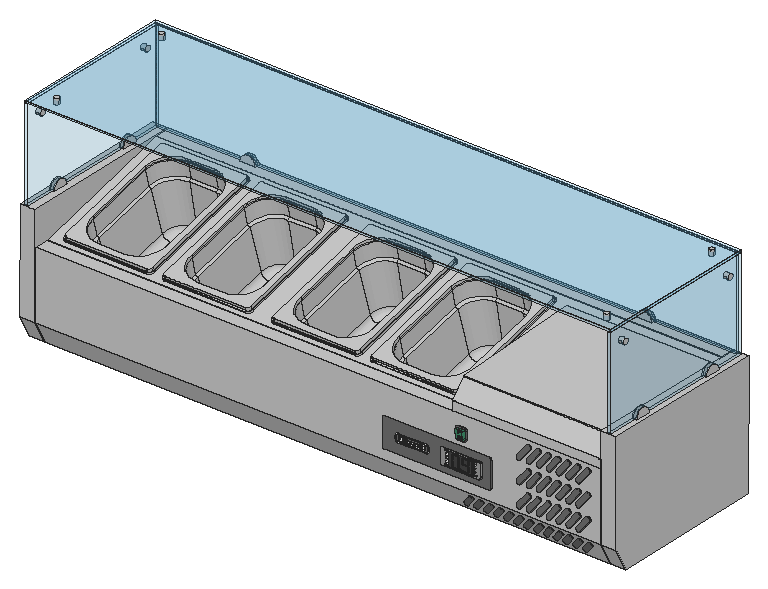
Revit family "QF_BLIZZARD_TOP1200-14CR", category Specialty Equipment, Revit 2016
Family settings
  Part Type = Normal
  Round Connector Dimension = Use Diameter
  OmniClass Number = 23.40.40.14
  OmniClass Title = Food Service Equipment
  Work Plane-Based = No
  Always vertical = Yes
  Cut with Voids When Loaded = No
  Shared = No
  Room Calculation Point = No
Parameters (values of type "TOP1200-14CR")
  URL = "www.blizzardequipment.com"
  Show Logo [instance] = yes
  Show Clearance [instance] = yes
  Model = "TOP1200-14CR"
  Manufacturer = "BLIZZARD"
  Description = "1/4 GASTRONORM PREP TOP WITH GLASS COVER 1200MM"
  Assembly Code = "E1090320"
Reference planes
  plane 1 "Back": y = 0
  plane 2: z = 0
  plane 3 "Left": x = 0
  plane 4 "Right": x = 1200
  plane 5 "Front": y = -335
  plane 6 "Top": z = 439
Forms (mm)
  Extrusion 1, solid
    sketch origin (0, -4, -8) x (0, 1, 0) y (0, 0, 1)
      loop
        line (-331, 53) -> (-306, 8) -> (2.955, 8)
        arc (2.955, 8) -> (3.694, 8.306) -> (4, 9.045) r 1.045
        line (4, 9.045) -> (4, 258) -> (-331, 258) -> (-331, 53)
    from 0 to 30
  Extrusion 2, solid
    sketch origin (1170, -4, -8) x (0, 1, 0) y (0, 0, 1)
      loop
        line (-331, 53) -> (-306, 8) -> (2.955, 8)
        arc (2.955, 8) -> (3.694, 8.306) -> (4, 9.045) r 1.045
        line (4, 9.045) -> (4, 258) -> (-331, 258) -> (-331, 53)
    from 0 to 30
  Extrusion 3, solid
    sketch origin (-580, -4, -8) x (0, 1, 0) y (0, 0, 1)
      loop
        line (-331, 53) -> (-306, 8) -> (2.955, 8)
        arc (2.955, 8) -> (3.694, 8.306) -> (4, 9.045) r 1.045
        line (4, 9.045) -> (4, 258) -> (-26, 258) -> (-26, 38) -> (-288.348, 38) -> (-301, 60.774) -> (-301, 190.193) -> (-331, 190.193) -> (-331, 53)
    from 610 to 1750
  Extrusion 4, solid
    sketch origin (10, 0, -20) x (0, 1, 0) y (0, 0, 1)
      loop
        line (-5, 455) -> (-335, 455) -> (-335, 270) -> (-5, 270) -> (-5, 455)
    from 0 to 5
  Extrusion 5, solid
    sketch origin (1185, 0, -20) x (0, 1, 0) y (0, 0, 1)
      loop
        line (-5, 455) -> (-335, 455) -> (-335, 270) -> (-5, 270) -> (-5, 455)
    from 0 to 5
  Extrusion 6, solid
    sketch origin (-610, 0, -20) x (0, 1, 0) y (0, 0, 1)
      loop
        line (-5, 460) -> (-335, 460) -> (-335, 455) -> (-5, 455) -> (-5, 460)
    from 620 to 1800
  Extrusion 7, solid
    sketch origin (-610, -5, -20) x (1, 0, 0) y (0, 0, 1)
      loop
        line (625, 455) -> (625, 270) -> (1795, 270) -> (1795, 455) -> (625, 455)
    from 0 to 5
  Extrusion 8, solid
    sketch origin (8, -65, -20) x (0, 1, 0) y (0, 0, 1)
      loop
        arc (0, 270) -> (-15, 285) -> (-30, 270) r 15
        line (-30, 270) -> (0, 270)
    from 0 to 2
  Extrusion 9, solid
    sketch origin (8, -270, -20) x (0, -1, 0) y (0, 0, -1)
      loop
        line (0, -270) -> (-30, -270)
        arc (-30, -270) -> (-15, -285) -> (0, -270) r 15
    from 0 to 2
  Extrusion 10, solid
    sketch origin (15, -65, -20) x (0, 1, 0) y (0, 0, 1)
      loop
        arc (0, 270) -> (-15, 285) -> (-30, 270) r 15
        line (-30, 270) -> (0, 270)
    from 0 to 2
  Extrusion 11, solid
    sketch origin (15, -270, -20) x (0, -1, 0) y (0, 0, -1)
      loop
        line (0, -270) -> (-30, -270)
        arc (-30, -270) -> (-15, -285) -> (0, -270) r 15
    from 0 to 2
  Extrusion 12, solid
    sketch origin (1183, -65, -20) x (0, 1, 0) y (0, 0, 1)
      loop
        arc (0, 270) -> (-15, 285) -> (-30, 270) r 15
        line (-30, 270) -> (0, 270)
    from 0 to 2
  Extrusion 13, solid
    sketch origin (1183, -270, -20) x (0, -1, 0) y (0, 0, -1)
      loop
        line (0, -270) -> (-30, -270)
        arc (-30, -270) -> (-15, -285) -> (0, -270) r 15
    from 0 to 2
  Extrusion 14, solid
    sketch origin (1190, -65, -20) x (0, 1, 0) y (0, 0, 1)
      loop
        arc (0, 270) -> (-15, 285) -> (-30, 270) r 15
        line (-30, 270) -> (0, 270)
    from 0 to 2
  Extrusion 15, solid
    sketch origin (1190, -270, -20) x (0, -1, 0) y (0, 0, -1)
      loop
        line (0, -270) -> (-30, -270)
        arc (-30, -270) -> (-15, -285) -> (0, -270) r 15
    from 0 to 2
  Extrusion 16, solid
    sketch origin (7.5, 60, -20) x (0, 1, 0) y (0, 0, 1)
      loop
        circle (-359.645, 424.645) r 5
    from 0 to 10
  Extrusion 17, solid
    sketch origin (1192.5, 60, -20) x (0, 1, 0) y (0, 0, -1)
      loop
        circle (-359.645, -424.645) r 5
    from 0 to 10
  Extrusion 18, solid
    sketch origin (7.5, -395, -20) x (0, -1, 0) y (0, 0, -1)
      loop
        circle (-359.645, -424.645) r 5
    from 0 to 10
  Extrusion 19, solid
    sketch origin (1192.5, -395, -20) x (0, -1, 0) y (0, 0, 1)
      loop
        circle (-359.645, 424.645) r 5
    from 0 to 10
  Extrusion 20, solid
    sketch origin (0, 0, 432.5) x (1, 0, 0) y (0, 1, 0)
      loop
        circle (45.355, -35.355) r 5
    from 0 to 10
  Extrusion 21, solid
    sketch origin (1200, 0, 432.5) x (-1, 0, 0) y (0, -1, 0)
      loop
        circle (45.355, 35.355) r 5
    from 0 to 10
  Extrusion 22, solid
    sketch origin (0, -335, 432.5) x (1, 0, 0) y (0, 1, 0)
      loop
        circle (45.355, 35.355) r 5
    from 0 to 10
  Extrusion 23, solid
    sketch origin (1200, -335, 432.5) x (-1, 0, 0) y (0, -1, 0)
      loop
        circle (45.355, -35.355) r 5
    from 0 to 10
  Extrusion 24, solid
    sketch origin (-610, 385.906, 349.46) x (1, 0, 0) y (0, 0.970921, 0.2394)
      loop
        line (640, -711.416) -> (1780, -711.416) -> (1780, -427.653) -> (640, -427.653) -> (640, -711.416)
      loop
        line (833, -442.96) -> (671, -442.96)
        arc (671, -442.96) -> (666.757, -444.717) -> (665, -448.96) r 6
        line (665, -448.96) -> (665, -691.86)
        arc (665, -691.86) -> (666.757, -696.102) -> (671, -697.86) r 6
        line (671, -697.86) -> (833, -697.86)
        arc (833, -697.86) -> (837.243, -696.102) -> (839, -691.86) r 6
        line (839, -691.86) -> (839, -448.96)
        arc (839, -448.96) -> (837.243, -444.717) -> (833, -442.96) r 6
      loop
        line (1032, -442.96) -> (870, -442.96)
        arc (870, -442.96) -> (865.757, -444.717) -> (864, -448.96) r 6
        line (864, -448.96) -> (864, -691.86)
        arc (864, -691.86) -> (865.757, -696.102) -> (870, -697.86) r 6
        line (870, -697.86) -> (1032, -697.86)
        arc (1032, -697.86) -> (1036.243, -696.102) -> (1038, -691.86) r 6
        line (1038, -691.86) -> (1038, -448.96)
        arc (1038, -448.96) -> (1036.243, -444.717) -> (1032, -442.96) r 6
      loop
        line (1252, -442.96) -> (1090, -442.96)
        arc (1090, -442.96) -> (1085.757, -444.717) -> (1084, -448.96) r 6
        line (1084, -448.96) -> (1084, -691.86)
        arc (1084, -691.86) -> (1085.757, -696.102) -> (1090, -697.86) r 6
        line (1090, -697.86) -> (1252, -697.86)
        arc (1252, -697.86) -> (1256.243, -696.102) -> (1258, -691.86) r 6
        line (1258, -691.86) -> (1258, -448.96)
        arc (1258, -448.96) -> (1256.243, -444.717) -> (1252, -442.96) r 6
      loop
        line (1451, -442.96) -> (1289, -442.96)
        arc (1289, -442.96) -> (1284.757, -444.717) -> (1283, -448.96) r 6
        line (1283, -448.96) -> (1283, -691.86)
        arc (1283, -691.86) -> (1284.757, -696.102) -> (1289, -697.86) r 6
        line (1289, -697.86) -> (1451, -697.86)
        arc (1451, -697.86) -> (1455.243, -696.102) -> (1457, -691.86) r 6
        line (1457, -691.86) -> (1457, -448.96)
        arc (1457, -448.96) -> (1455.243, -444.717) -> (1451, -442.96) r 6
    from 0 to 3
  Extrusion 25, solid
    sketch origin (42.5, -3, -20) x (1, 0, 0) y (0, 0, 1)
      loop
        line (142.5, 270) -> (172.5, 270)
        arc (172.5, 270) -> (157.5, 285) -> (142.5, 270) r 15
    from 0 to 2
  Extrusion 26, solid
    sketch origin (1157.5, -3, -20) x (-1, 0, 0) y (0, 0, -1)
      loop
        arc (142.5, -270) -> (157.5, -285) -> (172.5, -270) r 15
        line (172.5, -270) -> (142.5, -270)
    from 0 to 2
  Extrusion 27, solid
    sketch origin (42.5, -10, -20) x (1, 0, 0) y (0, 0, 1)
      loop
        line (142.5, 270) -> (172.5, 270)
        arc (172.5, 270) -> (157.5, 285) -> (142.5, 270) r 15
    from 0 to 2
  Extrusion 28, solid
    sketch origin (1157.5, -10, -20) x (-1, 0, 0) y (0, 0, -1)
      loop
        arc (142.5, -270) -> (157.5, -285) -> (172.5, -270) r 15
        line (172.5, -270) -> (142.5, -270)
    from 0 to 2
  Extrusion 29, solid
    sketch origin (848, 205.936, 282.02) x (0, -0.34202, 0.939693) y (0, -0.939693, -0.34202)
      loop
        line (10.308, 247.326) -> (47.651, 233.734) -> (128.811, 499.195)
        arc (128.811, 499.195) -> (128.866, 499.813) -> (128.666, 500.4) r 1.501
        line (128.666, 500.4) -> (108.005, 535.217)
        arc (108.005, 535.217) -> (107.581, 535.724) -> (107.017, 536.068) r 2.032
        line (107.017, 536.068) -> (91.205, 542.456) -> (88.633, 535.39) -> (89.426, 502.22) -> (10.308, 247.326)
    from 24 to 322
  Extrusion 30, solid
    sketch origin (450.536, -333.5, -1739.135) x (1, 0, 0) y (0, 0, 1)
      loop
        arc (285, 1864.135) -> (281.464, 1862.671) -> (280, 1859.135) r 5
        line (280, 1859.135) -> (280, 1809.135)
        arc (280, 1809.135) -> (281.464, 1805.6) -> (285, 1804.135) r 5
        line (285, 1804.135) -> (494.464, 1804.135)
        arc (494.464, 1804.135) -> (498, 1805.6) -> (499.464, 1809.135) r 5
        line (499.464, 1809.135) -> (499.464, 1859.135)
        arc (499.464, 1859.135) -> (498, 1862.671) -> (494.464, 1864.135) r 5
        line (494.464, 1864.135) -> (285, 1864.135)
    from 0 to 2
  Extrusion 31, solid
    sketch origin (592.5, -333.5, -713.75) x (1, 0, 0) y (0, 0, 1)
      loop
        arc (260.5, 825) -> (258.379, 824.121) -> (257.5, 822) r 3
        line (257.5, 822) -> (257.5, 795.5)
        arc (257.5, 795.5) -> (258.379, 793.379) -> (260.5, 792.5) r 3
        line (260.5, 792.5) -> (334.5, 792.5)
        arc (334.5, 792.5) -> (336.621, 793.379) -> (337.5, 795.5) r 3
        line (337.5, 795.5) -> (337.5, 822)
        arc (337.5, 822) -> (336.621, 824.121) -> (334.5, 825) r 3
        line (334.5, 825) -> (260.5, 825)
    from 0 to 4
  Extrusion 32, solid
    sketch origin (592.5, -336.5, -703.75) x (1, 0, 0) y (0, 0, 1)
      loop
        arc (278, 812.5) -> (275.879, 811.621) -> (275, 809.5) r 3
        line (275, 809.5) -> (275, 788)
        arc (275, 788) -> (275.879, 785.879) -> (278, 785) r 3
        line (278, 785) -> (317, 785)
        arc (317, 785) -> (319.121, 785.879) -> (320, 788) r 3
        line (320, 788) -> (320, 809.5)
        arc (320, 809.5) -> (319.121, 811.621) -> (317, 812.5) r 3
        line (317, 812.5) -> (278, 812.5)
    from 0 to 2
  Extrusion 33, solid
    sketch origin (593.951, -337, -704.25) x (1, 0, 0) y (0, 0, 1)
      loop
        line (278.549, 800.5) -> (280.549, 800.5) -> (280.549, 809) -> (278.549, 809) -> (278.549, 800.5)
      loop
        line (278.549, 789) -> (280.549, 789) -> (280.549, 797) -> (278.549, 797) -> (278.549, 789)
      loop
        line (281.049, 811.5) -> (281.049, 809.5) -> (291.049, 809.5) -> (291.049, 811.5) -> (281.049, 811.5)
      loop
        line (293.549, 800.5) -> (293.549, 809) -> (291.549, 809) -> (291.549, 800.5) -> (293.549, 800.5)
      loop
        line (293.549, 789) -> (293.549, 797) -> (291.549, 797) -> (291.549, 789) -> (293.549, 789)
      loop
        line (281.049, 786.5) -> (291.049, 786.5) -> (291.049, 788.5) -> (281.049, 788.5) -> (281.049, 786.5)
      loop
        line (298.549, 800.5) -> (300.549, 800.5) -> (300.549, 809) -> (298.549, 809) -> (298.549, 800.5)
      loop
        line (301.049, 811.5) -> (301.049, 809.5) -> (311.049, 809.5) -> (311.049, 811.5) -> (301.049, 811.5)
      loop
        line (313.549, 800.5) -> (313.549, 809) -> (311.549, 809) -> (311.549, 800.5) -> (313.549, 800.5)
      loop
        line (313.549, 789) -> (313.549, 797) -> (311.549, 797) -> (311.549, 789) -> (313.549, 789)
      loop
        line (301.049, 798) -> (311.049, 798) -> (311.049, 800) -> (301.049, 800) -> (301.049, 798)
      loop
        line (301.049, 786.5) -> (311.049, 786.5) -> (311.049, 788.5) -> (301.049, 788.5) -> (301.049, 786.5)
      loop
        line (297.049, 786.5) -> (297.049, 788.5) -> (295.049, 788.5) -> (295.049, 786.5) -> (297.049, 786.5)
    from 0 to 2
  Extrusion 34, solid
    sketch origin (565.5, -336, -1708.75) x (1, 0, 0) y (0, 0, 1)
      loop
        arc (300, 1815) -> (299.121, 1817.121) -> (297, 1818) r 3
        line (297, 1818) -> (292, 1818) -> (292, 1816) -> (297, 1816)
        arc (297, 1816) -> (297.707, 1815.707) -> (298, 1815) r 1
        line (298, 1815) -> (298, 1811.5) -> (295, 1811.5) -> (295, 1809.5) -> (298, 1809.5) -> (298, 1805) -> (295, 1805) -> (295, 1803) -> (298, 1803) -> (298, 1798.5) -> (295, 1798.5) -> (295, 1796.5) -> (298, 1796.5) -> (298, 1793)
        arc (298, 1793) -> (297.707, 1792.293) -> (297, 1792) r 1
        line (297, 1792) -> (292, 1792) -> (292, 1790) -> (297, 1790)
        arc (297, 1790) -> (299.121, 1790.879) -> (300, 1793) r 3
        line (300, 1793) -> (300, 1815)
      loop
        line (349, 1815) -> (349, 1793)
        arc (349, 1793) -> (349.879, 1790.879) -> (352, 1790) r 3
        line (352, 1790) -> (357, 1790) -> (357, 1792) -> (352, 1792)
        arc (352, 1792) -> (351.293, 1792.293) -> (351, 1793) r 1
        line (351, 1793) -> (351, 1796.5) -> (354, 1796.5) -> (354, 1798.5) -> (351, 1798.5) -> (351, 1803) -> (354, 1803) -> (354, 1805) -> (351, 1805) -> (351, 1809.5) -> (354, 1809.5) -> (354, 1811.5) -> (351, 1811.5) -> (351, 1815)
        arc (351, 1815) -> (351.293, 1815.707) -> (352, 1816) r 1
        line (352, 1816) -> (357, 1816) -> (357, 1818) -> (352, 1818)
        arc (352, 1818) -> (349.879, 1817.121) -> (349, 1815) r 3
    from 0 to 2
  Extrusion 35, solid, visible <- "Show Logo"
    sketch origin (732.91, -333.7, -42.983) x (1, 0, 0) y (0, 0, 1)
      loop
        line (30.3, 133.137) -> (36.162, 133.137)
        arc (36.162, 133.137) -> (39.122, 134.994) -> (38.048, 138.319) r 2.844
        arc (38.048, 138.319) -> (38.838, 141.267) -> (36.338, 143.017) r 2.66
        line (36.338, 143.017) -> (31.338, 143.017) -> (30.3, 133.137)
      loop
        line (33.066, 135.126) -> (35.993, 135.126)
        arc (35.993, 135.126) -> (36.943, 136.076) -> (35.993, 137.026) r 0.95
        line (35.993, 137.026) -> (33.066, 137.026) -> (33.066, 135.126)
      loop
        line (33.528, 139.285) -> (36.147, 139.285)
        arc (36.147, 139.285) -> (36.994, 140.133) -> (36.147, 140.98) r 0.847
        line (36.147, 140.98) -> (33.528, 140.98) -> (33.528, 139.285)
      loop
        line (40.306, 133.137) -> (42.874, 133.137) -> (43.912, 143.017) -> (41.344, 143.017) -> (40.306, 133.137)
      loop
        line (45.174, 140.98) -> (47.749, 140.98) -> (47.964, 143.017) -> (45.389, 143.017) -> (45.174, 140.98)
      loop
        line (45.104, 140.313) -> (44.35, 133.137) -> (46.671, 133.137) -> (47.425, 140.313) -> (45.104, 140.313)
      loop
        line (48.314, 138.359) -> (51.196, 138.359) -> (47.765, 134.548) -> (47.765, 133.137) -> (54.184, 133.137) -> (54.393, 135.126) -> (51.213, 135.126) -> (54.657, 138.952) -> (54.657, 140.313) -> (48.519, 140.313) -> (48.314, 138.359)
      loop
        line (55.213, 138.359) -> (58.095, 138.359) -> (54.664, 134.548) -> (54.664, 133.137) -> (61.084, 133.137) -> (61.293, 135.126) -> (58.112, 135.126) -> (61.557, 138.952) -> (61.557, 140.313) -> (55.419, 140.313) -> (55.213, 138.359)
      loop
        arc (64.816, 137.983) -> (65.785, 138.952) -> (66.753, 137.983) r 0.969
        line (66.753, 137.983) -> (64.711, 137.436)
        arc (64.711, 137.436) -> (62.642, 134.297) -> (66.342, 133.633) r 2.251
        line (66.342, 133.633) -> (66.77, 132.921) -> (69.168, 132.921) -> (68.641, 134.052) -> (69.084, 138.274)
        arc (69.084, 138.274) -> (65.782, 140.567) -> (62.514, 138.225) r 3.488
        line (62.514, 138.225) -> (64.816, 137.983)
      loop
        line (69.848, 133.137) -> (72.232, 133.137) -> (72.59, 136.546)
        arc (72.59, 136.546) -> (73.413, 137.974) -> (75.025, 138.32) r 2.029
        line (75.025, 138.32) -> (75.83, 140.313)
        arc (75.83, 140.313) -> (74.279, 140.541) -> (72.927, 139.749) r 2.362
        line (72.927, 139.749) -> (72.927, 140.627) -> (70.635, 140.627) -> (69.848, 133.137)
      loop
        line (82.596, 133.137) -> (83.635, 143.017) -> (81.373, 143.017) -> (81.031, 139.764)
        arc (81.031, 139.764) -> (75.402, 137.124) -> (80.359, 133.372) r 3.631
        line (80.359, 133.372) -> (82.596, 133.137)
      loop
        spline (78.956, 134.82) -> (79.32, 134.851) -> (79.675, 135.016) -> (79.994, 135.304) -> (80.258, 135.695) -> (80.446, 136.164) -> (80.548, 136.677) -> (80.555, 137.2) -> (80.468, 137.697) -> (80.292, 138.134) -> (80.039, 138.483) -> (79.727, 138.718) -> (79.376, 138.823)
        spline (79.376, 138.823) -> (79.011, 138.793) -> (78.657, 138.628) -> (78.338, 138.34) -> (78.074, 137.948) -> (77.886, 137.48) -> (77.784, 136.967) -> (77.777, 136.444) -> (77.864, 135.947) -> (78.04, 135.509) -> (78.293, 135.161) -> (78.605, 134.926) -> (78.956, 134.82)
      loop
        line (66.385, 136.28) -> (64.729, 135.958)
        arc (64.729, 135.958) -> (64.361, 135.233) -> (65.042, 134.788) r 0.609
        arc (65.042, 134.788) -> (66.068, 135.215) -> (66.385, 136.28) r 1.295
      loop
        line (85.459, 146.184) -> (29.578, 146.184)
        arc (29.578, 146.184) -> (25.494, 144.492) -> (23.802, 140.407) r 5.777
        line (23.802, 140.407) -> (23.802, 135.662)
        arc (23.802, 135.662) -> (25.494, 131.578) -> (29.578, 129.886) r 5.777
        line (29.578, 129.886) -> (85.459, 129.886)
        arc (85.459, 129.886) -> (89.544, 131.578) -> (91.236, 135.662) r 5.777
        line (91.236, 135.662) -> (91.236, 140.407)
        arc (91.236, 140.407) -> (89.544, 144.492) -> (85.459, 146.184) r 5.777
      loop
        line (85.459, 145.184) -> (29.578, 145.184)
        arc (29.578, 145.184) -> (26.201, 143.785) -> (24.802, 140.407) r 4.777
        line (24.802, 140.407) -> (24.802, 135.662)
        arc (24.802, 135.662) -> (26.201, 132.285) -> (29.578, 130.886) r 4.777
        line (29.578, 130.886) -> (85.459, 130.886)
        arc (85.459, 130.886) -> (88.837, 132.285) -> (90.236, 135.662) r 4.777
        line (90.236, 135.662) -> (90.236, 140.407)
        arc (90.236, 140.407) -> (88.837, 143.785) -> (85.459, 145.184) r 4.777
    from 0 to 2
  Extrusion 36, solid
    sketch origin (-8.92, -333.5, -34.541) x (1, 0, 0) y (0, 0, 1)
      loop
        line (1030, 207.338) -> (1011.08, 183.441)
        arc (1011.08, 183.441) -> (1011.896, 176.418) -> (1018.92, 177.234) r 5
        line (1018.92, 177.234) -> (1037.84, 201.13)
        arc (1037.84, 201.13) -> (1037.024, 208.154) -> (1030, 207.338) r 5
      loop
        line (1050, 207.338) -> (1031.08, 183.441)
        arc (1031.08, 183.441) -> (1031.896, 176.418) -> (1038.92, 177.234) r 5
        line (1038.92, 177.234) -> (1057.84, 201.13)
        arc (1057.84, 201.13) -> (1057.024, 208.154) -> (1050, 207.338) r 5
      loop
        line (1070, 207.338) -> (1051.08, 183.441)
        arc (1051.08, 183.441) -> (1051.896, 176.418) -> (1058.92, 177.234) r 5
        line (1058.92, 177.234) -> (1077.84, 201.13)
        arc (1077.84, 201.13) -> (1077.024, 208.154) -> (1070, 207.338) r 5
      loop
        line (1090, 207.338) -> (1071.08, 183.441)
        arc (1071.08, 183.441) -> (1071.896, 176.418) -> (1078.92, 177.234) r 5
        line (1078.92, 177.234) -> (1097.84, 201.13)
        arc (1097.84, 201.13) -> (1097.024, 208.154) -> (1090, 207.338) r 5
      loop
        line (1110, 207.338) -> (1091.08, 183.441)
        arc (1091.08, 183.441) -> (1091.896, 176.418) -> (1098.92, 177.234) r 5
        line (1098.92, 177.234) -> (1117.84, 201.13)
        arc (1117.84, 201.13) -> (1117.024, 208.154) -> (1110, 207.338) r 5
      loop
        line (1130, 207.338) -> (1111.08, 183.441)
        arc (1111.08, 183.441) -> (1111.896, 176.418) -> (1118.92, 177.234) r 5
        line (1118.92, 177.234) -> (1137.84, 201.13)
        arc (1137.84, 201.13) -> (1137.024, 208.154) -> (1130, 207.338) r 5
      loop
        line (1150, 207.338) -> (1131.08, 183.441)
        arc (1131.08, 183.441) -> (1131.896, 176.418) -> (1138.92, 177.234) r 5
        line (1138.92, 177.234) -> (1157.84, 201.13)
        arc (1157.84, 201.13) -> (1157.024, 208.154) -> (1150, 207.338) r 5
      loop
        line (1030, 163.441) -> (1011.08, 139.545)
        arc (1011.08, 139.545) -> (1011.896, 132.521) -> (1018.92, 133.338) r 5
        line (1018.92, 133.338) -> (1037.84, 157.234)
        arc (1037.84, 157.234) -> (1037.024, 164.258) -> (1030, 163.441) r 5
      loop
        line (1050, 163.441) -> (1031.08, 139.545)
        arc (1031.08, 139.545) -> (1031.896, 132.521) -> (1038.92, 133.338) r 5
        line (1038.92, 133.338) -> (1057.84, 157.234)
        arc (1057.84, 157.234) -> (1057.024, 164.258) -> (1050, 163.441) r 5
      loop
        line (1070, 163.441) -> (1051.08, 139.545)
        arc (1051.08, 139.545) -> (1051.896, 132.521) -> (1058.92, 133.338) r 5
        line (1058.92, 133.338) -> (1077.84, 157.234)
        arc (1077.84, 157.234) -> (1077.024, 164.258) -> (1070, 163.441) r 5
      loop
        line (1090, 163.441) -> (1071.08, 139.545)
        arc (1071.08, 139.545) -> (1071.896, 132.521) -> (1078.92, 133.338) r 5
        line (1078.92, 133.338) -> (1097.84, 157.234)
        arc (1097.84, 157.234) -> (1097.024, 164.258) -> (1090, 163.441) r 5
      loop
        line (1110, 163.441) -> (1091.08, 139.545)
        arc (1091.08, 139.545) -> (1091.896, 132.521) -> (1098.92, 133.338) r 5
        line (1098.92, 133.338) -> (1117.84, 157.234)
        arc (1117.84, 157.234) -> (1117.024, 164.258) -> (1110, 163.441) r 5
      loop
        line (1130, 163.441) -> (1111.08, 139.545)
        arc (1111.08, 139.545) -> (1111.896, 132.521) -> (1118.92, 133.338) r 5
        line (1118.92, 133.338) -> (1137.84, 157.234)
        arc (1137.84, 157.234) -> (1137.024, 164.258) -> (1130, 163.441) r 5
      loop
        line (1150, 163.441) -> (1131.08, 139.545)
        arc (1131.08, 139.545) -> (1131.896, 132.521) -> (1138.92, 133.338) r 5
        line (1138.92, 133.338) -> (1157.84, 157.234)
        arc (1157.84, 157.234) -> (1157.024, 164.258) -> (1150, 163.441) r 5
      loop
        line (1030, 119.663) -> (1011.08, 95.767)
        arc (1011.08, 95.767) -> (1011.896, 88.743) -> (1018.92, 89.559) r 5
        line (1018.92, 89.559) -> (1037.84, 113.456)
        arc (1037.84, 113.456) -> (1037.024, 120.479) -> (1030, 119.663) r 5
      loop
        line (1050, 119.663) -> (1031.08, 95.767)
        arc (1031.08, 95.767) -> (1031.896, 88.743) -> (1038.92, 89.559) r 5
        line (1038.92, 89.559) -> (1057.84, 113.456)
        arc (1057.84, 113.456) -> (1057.024, 120.479) -> (1050, 119.663) r 5
      loop
        line (1070, 119.663) -> (1051.08, 95.767)
        arc (1051.08, 95.767) -> (1051.896, 88.743) -> (1058.92, 89.559) r 5
        line (1058.92, 89.559) -> (1077.84, 113.456)
        arc (1077.84, 113.456) -> (1077.024, 120.479) -> (1070, 119.663) r 5
      loop
        line (1090, 119.663) -> (1071.08, 95.767)
        arc (1071.08, 95.767) -> (1071.896, 88.743) -> (1078.92, 89.559) r 5
        line (1078.92, 89.559) -> (1097.84, 113.456)
        arc (1097.84, 113.456) -> (1097.024, 120.479) -> (1090, 119.663) r 5
      loop
        line (1110, 119.663) -> (1091.08, 95.767)
        arc (1091.08, 95.767) -> (1091.896, 88.743) -> (1098.92, 89.559) r 5
        line (1098.92, 89.559) -> (1117.84, 113.456)
        arc (1117.84, 113.456) -> (1117.024, 120.479) -> (1110, 119.663) r 5
      loop
        line (1130, 119.663) -> (1111.08, 95.767)
        arc (1111.08, 95.767) -> (1111.896, 88.743) -> (1118.92, 89.559) r 5
        line (1118.92, 89.559) -> (1137.84, 113.456)
        arc (1137.84, 113.456) -> (1137.024, 120.479) -> (1130, 119.663) r 5
      loop
        line (1150, 119.663) -> (1131.08, 95.767)
        arc (1131.08, 95.767) -> (1131.896, 88.743) -> (1138.92, 89.559) r 5
        line (1138.92, 89.559) -> (1157.84, 113.456)
        arc (1157.84, 113.456) -> (1157.024, 120.479) -> (1150, 119.663) r 5
    from 0 to 2
  Extrusion 37, solid
    sketch origin (-8.92, -228.186, -144.301) x (1, 0, 0) y (0, -0.485643, 0.874157)
      loop
        line (1030, 207.338) -> (1011.08, 183.441)
        arc (1011.08, 183.441) -> (1011.896, 176.418) -> (1018.92, 177.234) r 5
        line (1018.92, 177.234) -> (1037.84, 201.13)
        arc (1037.84, 201.13) -> (1037.024, 208.154) -> (1030, 207.338) r 5
      loop
        line (1050, 207.338) -> (1031.08, 183.441)
        arc (1031.08, 183.441) -> (1031.896, 176.418) -> (1038.92, 177.234) r 5
        line (1038.92, 177.234) -> (1057.84, 201.13)
        arc (1057.84, 201.13) -> (1057.024, 208.154) -> (1050, 207.338) r 5
      loop
        line (1070, 207.338) -> (1051.08, 183.441)
        arc (1051.08, 183.441) -> (1051.896, 176.418) -> (1058.92, 177.234) r 5
        line (1058.92, 177.234) -> (1077.84, 201.13)
        arc (1077.84, 201.13) -> (1077.024, 208.154) -> (1070, 207.338) r 5
      loop
        line (1090, 207.338) -> (1071.08, 183.441)
        arc (1071.08, 183.441) -> (1071.896, 176.418) -> (1078.92, 177.234) r 5
        line (1078.92, 177.234) -> (1097.84, 201.13)
        arc (1097.84, 201.13) -> (1097.024, 208.154) -> (1090, 207.338) r 5
      loop
        line (1110, 207.338) -> (1091.08, 183.441)
        arc (1091.08, 183.441) -> (1091.896, 176.418) -> (1098.92, 177.234) r 5
        line (1098.92, 177.234) -> (1117.84, 201.13)
        arc (1117.84, 201.13) -> (1117.024, 208.154) -> (1110, 207.338) r 5
      loop
        line (1130, 207.338) -> (1111.08, 183.441)
        arc (1111.08, 183.441) -> (1111.896, 176.418) -> (1118.92, 177.234) r 5
        line (1118.92, 177.234) -> (1137.84, 201.13)
        arc (1137.84, 201.13) -> (1137.024, 208.154) -> (1130, 207.338) r 5
      loop
        line (1150, 207.338) -> (1131.08, 183.441)
        arc (1131.08, 183.441) -> (1131.896, 176.418) -> (1138.92, 177.234) r 5
        line (1138.92, 177.234) -> (1157.84, 201.13)
        arc (1157.84, 201.13) -> (1157.024, 208.154) -> (1150, 207.338) r 5
      loop
        line (910, 207.338) -> (891.08, 183.441)
        arc (891.08, 183.441) -> (891.896, 176.418) -> (898.92, 177.234) r 5
        line (898.92, 177.234) -> (917.84, 201.13)
        arc (917.84, 201.13) -> (917.024, 208.154) -> (910, 207.338) r 5
      loop
        line (930, 207.338) -> (911.08, 183.441)
        arc (911.08, 183.441) -> (911.896, 176.418) -> (918.92, 177.234) r 5
        line (918.92, 177.234) -> (937.84, 201.13)
        arc (937.84, 201.13) -> (937.024, 208.154) -> (930, 207.338) r 5
      loop
        line (950, 207.338) -> (931.08, 183.441)
        arc (931.08, 183.441) -> (931.896, 176.418) -> (938.92, 177.234) r 5
        line (938.92, 177.234) -> (957.84, 201.13)
        arc (957.84, 201.13) -> (957.024, 208.154) -> (950, 207.338) r 5
      loop
        line (970, 207.338) -> (951.08, 183.441)
        arc (951.08, 183.441) -> (951.896, 176.418) -> (958.92, 177.234) r 5
        line (958.92, 177.234) -> (977.84, 201.13)
        arc (977.84, 201.13) -> (977.024, 208.154) -> (970, 207.338) r 5
      loop
        line (990, 207.338) -> (971.08, 183.441)
        arc (971.08, 183.441) -> (971.896, 176.418) -> (978.92, 177.234) r 5
        line (978.92, 177.234) -> (997.84, 201.13)
        arc (997.84, 201.13) -> (997.024, 208.154) -> (990, 207.338) r 5
      loop
        line (1010, 207.338) -> (991.08, 183.441)
        arc (991.08, 183.441) -> (991.896, 176.418) -> (998.92, 177.234) r 5
        line (998.92, 177.234) -> (1017.84, 201.13)
        arc (1017.84, 201.13) -> (1017.024, 208.154) -> (1010, 207.338) r 5
    from 0 to 2
  Extrusion 38, solid
    sketch origin (882.5, -325.499, -657) x (1, 0, 0) y (0, 0, 1)
      loop
        arc (3, 815) -> (0.879, 814.121) -> (0, 812) r 3
        line (0, 812) -> (0, 798)
        arc (0, 798) -> (0.879, 795.879) -> (3, 795) r 3
        line (3, 795) -> (12, 795)
        arc (12, 795) -> (14.121, 795.879) -> (15, 798) r 3
        line (15, 798) -> (15, 812)
        arc (15, 812) -> (14.121, 814.121) -> (12, 815) r 3
        line (12, 815) -> (3, 815)
    from 9.001 to 20
  Extrusion 39, void
    sketch origin (880, 314.501, -657) x (0, 1, 0) y (0, 0, 1)
      loop
        line (-659.545, 817.359) -> (-661.721, 817.359) -> (-661.721, 793) -> (-653.921, 793) -> (-659.545, 817.359)
    from 0 to 20
  Extrusion 40, solid
    sketch origin (882.5, -333.5, -657) x (1, 0, 0) y (0, 0, 1)
      loop
        arc (3, 818) -> (-1.243, 816.243) -> (-3, 812) r 6
        line (-3, 812) -> (-3, 798)
        arc (-3, 798) -> (-1.243, 793.757) -> (3, 792) r 6
        line (3, 792) -> (12, 792)
        arc (12, 792) -> (16.243, 793.757) -> (18, 798) r 6
        line (18, 798) -> (18, 812)
        arc (18, 812) -> (16.243, 816.243) -> (12, 818) r 6
        line (12, 818) -> (3, 818)
    from 0 to 4
  Extrusion 41, solid
    sketch origin (520.219, -160.533, -632.176) x (1, 0, 0) y (0, -0.224951, 0.97437)
      loop
        line (368.781, 810.281) -> (368.781, 805.281) -> (370.781, 805.281) -> (370.781, 810.281) -> (368.781, 810.281)
    from 0 to 2
  Extrusion 42, solid
    sketch origin (520.219, -157.384, -645.817) x (1, 0, 0) y (0, -0.224951, 0.97437)
      loop
        circle (369.781, 809.781) r 2.5
      loop
        circle (369.781, 809.781) r 3.5
    from 0 to 2
  Sweep 43, solid
    path origin (578, -7.744, 108.205) x (0, -0.970921, -0.2394) y (1, 0, 0)
      loop
        line (62.985, -289.089) -> (197.95, -289.089)
        arc (197.95, -289.089) -> (215.337, -281.887) -> (222.539, -264.5) r 24.589
        line (222.539, -264.5) -> (222.539, -209.5)
        arc (222.539, -209.5) -> (215.337, -192.113) -> (197.95, -184.911) r 24.589
        line (197.95, -184.911) -> (62.985, -184.911)
        arc (62.985, -184.911) -> (45.598, -192.113) -> (38.396, -209.5) r 24.589
        line (38.396, -209.5) -> (38.396, -264.5)
        arc (38.396, -264.5) -> (45.598, -281.887) -> (62.985, -289.089) r 24.589
    profile origin (288.911, -134.417, 76.971) x (1, 0, 0) y (0, -0.2394, 0.970921)
      loop
        arc (0, 2) -> (-9.637, 5.845) -> (-13.981, 15.267) r 14
        line (-13.981, 15.267) -> (-18.689, 105.106) -> (-23.411, 109.828) -> (-23.411, 143) -> (-25.411, 143) -> (-25.411, 109) -> (-20.646, 104.235) -> (-15.978, 15.163)
        arc (-15.978, 15.163) -> (-11.014, 4.394) -> (0, 0) r 16
        line (0, 0) -> (0, 2)
  Extrusion 44, solid
    sketch origin (578, -8.941, 113.06) x (0, -0.970921, -0.2394) y (1, 0, 0)
      loop
        line (0, -156) -> (0, -318)
        arc (0, -318) -> (2.636, -324.364) -> (9, -327) r 9
        line (9, -327) -> (251.939, -327)
        arc (251.939, -327) -> (258.303, -324.364) -> (260.939, -318) r 9
        line (260.939, -318) -> (260.939, -156)
        arc (260.939, -156) -> (258.303, -149.636) -> (251.939, -147) r 9
        line (251.939, -147) -> (9, -147)
        arc (9, -147) -> (2.636, -149.636) -> (0, -156) r 9
      loop
        arc (14.985, -264.5) -> (29.043, -298.441) -> (62.985, -312.5) r 48
        line (62.985, -312.5) -> (198.139, -312.5)
        arc (198.139, -312.5) -> (231.949, -298.495) -> (245.954, -264.685) r 47.815
        line (245.954, -264.685) -> (245.954, -209.5)
        arc (245.954, -209.5) -> (231.895, -175.559) -> (197.954, -161.5) r 48
        line (197.954, -161.5) -> (62.985, -161.5)
        arc (62.985, -161.5) -> (29.043, -175.559) -> (14.985, -209.5) r 48
        line (14.985, -209.5) -> (14.985, -264.5)
    from 138 to 140
  Extrusion 45, solid
    sketch origin (578, -8.941, 113.06) x (0, -0.970921, -0.2394) y (1, 0, 0)
      loop
        arc (3, -318) -> (4.757, -322.243) -> (9, -324) r 6
        line (9, -324) -> (251.939, -324)
        arc (251.939, -324) -> (256.181, -322.243) -> (257.939, -318) r 6
        line (257.939, -318) -> (257.939, -156)
        arc (257.939, -156) -> (256.181, -151.757) -> (251.939, -150) r 6
        line (251.939, -150) -> (9, -150)
        arc (9, -150) -> (4.757, -151.757) -> (3, -156) r 6
        line (3, -156) -> (3, -318)
      loop
        arc (14.985, -264.5) -> (29.043, -298.441) -> (62.985, -312.5) r 48
        line (62.985, -312.5) -> (197.954, -312.5)
        arc (197.954, -312.5) -> (231.895, -298.441) -> (245.954, -264.5) r 48
        line (245.954, -264.5) -> (245.954, -209.5)
        arc (245.954, -209.5) -> (231.895, -175.559) -> (197.954, -161.5) r 48
        line (197.954, -161.5) -> (62.985, -161.5)
        arc (62.985, -161.5) -> (29.043, -175.559) -> (14.985, -209.5) r 48
        line (14.985, -209.5) -> (14.985, -264.5)
    from 140 to 145
  Extrusion 46, solid
    sketch origin (578, -415.53, 7.657) x (0, -0.970921, -0.2394) y (1, 0, 0)
      loop
        arc (-357.015, -184.911) -> (-374.402, -192.113) -> (-381.604, -209.5) r 24.589
        line (-381.604, -209.5) -> (-381.604, -264.5)
        arc (-381.604, -264.5) -> (-374.402, -281.887) -> (-357.015, -289.089) r 24.589
        line (-357.015, -289.089) -> (-221.865, -289.089)
        arc (-221.865, -289.089) -> (-204.609, -281.941) -> (-197.461, -264.685) r 24.404
        line (-197.461, -264.685) -> (-197.461, -209.315)
        arc (-197.461, -209.315) -> (-204.609, -192.059) -> (-221.865, -184.911) r 24.404
        line (-221.865, -184.911) -> (-357.015, -184.911)
    from 0 to 2
  Sweep 47, solid
    path origin (379, -7.744, 108.205) x (0, -0.970921, -0.2394) y (1, 0, 0)
      loop
        line (62.985, -289.089) -> (197.95, -289.089)
        arc (197.95, -289.089) -> (215.337, -281.887) -> (222.539, -264.5) r 24.589
        line (222.539, -264.5) -> (222.539, -209.5)
        arc (222.539, -209.5) -> (215.337, -192.113) -> (197.95, -184.911) r 24.589
        line (197.95, -184.911) -> (62.985, -184.911)
        arc (62.985, -184.911) -> (45.598, -192.113) -> (38.396, -209.5) r 24.589
        line (38.396, -209.5) -> (38.396, -264.5)
        arc (38.396, -264.5) -> (45.598, -281.887) -> (62.985, -289.089) r 24.589
    profile origin (89.911, -134.417, 76.971) x (1, 0, 0) y (0, -0.2394, 0.970921)
      loop
        arc (0, 2) -> (-9.637, 5.845) -> (-13.981, 15.267) r 14
        line (-13.981, 15.267) -> (-18.689, 105.106) -> (-23.411, 109.828) -> (-23.411, 143) -> (-25.411, 143) -> (-25.411, 109) -> (-20.646, 104.235) -> (-15.978, 15.163)
        arc (-15.978, 15.163) -> (-11.014, 4.394) -> (0, 0) r 16
        line (0, 0) -> (0, 2)
  Extrusion 48, solid
    sketch origin (379, -8.941, 113.06) x (0, -0.970921, -0.2394) y (1, 0, 0)
      loop
        line (0, -156) -> (0, -318)
        arc (0, -318) -> (2.636, -324.364) -> (9, -327) r 9
        line (9, -327) -> (251.939, -327)
        arc (251.939, -327) -> (258.303, -324.364) -> (260.939, -318) r 9
        line (260.939, -318) -> (260.939, -156)
        arc (260.939, -156) -> (258.303, -149.636) -> (251.939, -147) r 9
        line (251.939, -147) -> (9, -147)
        arc (9, -147) -> (2.636, -149.636) -> (0, -156) r 9
      loop
        arc (14.985, -264.5) -> (29.043, -298.441) -> (62.985, -312.5) r 48
        line (62.985, -312.5) -> (198.139, -312.5)
        arc (198.139, -312.5) -> (231.949, -298.495) -> (245.954, -264.685) r 47.815
        line (245.954, -264.685) -> (245.954, -209.5)
        arc (245.954, -209.5) -> (231.895, -175.559) -> (197.954, -161.5) r 48
        line (197.954, -161.5) -> (62.985, -161.5)
        arc (62.985, -161.5) -> (29.043, -175.559) -> (14.985, -209.5) r 48
        line (14.985, -209.5) -> (14.985, -264.5)
    from 138 to 140
  Extrusion 49, solid
    sketch origin (379, -8.941, 113.06) x (0, -0.970921, -0.2394) y (1, 0, 0)
      loop
        arc (3, -318) -> (4.757, -322.243) -> (9, -324) r 6
        line (9, -324) -> (251.939, -324)
        arc (251.939, -324) -> (256.181, -322.243) -> (257.939, -318) r 6
        line (257.939, -318) -> (257.939, -156)
        arc (257.939, -156) -> (256.181, -151.757) -> (251.939, -150) r 6
        line (251.939, -150) -> (9, -150)
        arc (9, -150) -> (4.757, -151.757) -> (3, -156) r 6
        line (3, -156) -> (3, -318)
      loop
        arc (14.985, -264.5) -> (29.043, -298.441) -> (62.985, -312.5) r 48
        line (62.985, -312.5) -> (197.954, -312.5)
        arc (197.954, -312.5) -> (231.895, -298.441) -> (245.954, -264.5) r 48
        line (245.954, -264.5) -> (245.954, -209.5)
        arc (245.954, -209.5) -> (231.895, -175.559) -> (197.954, -161.5) r 48
        line (197.954, -161.5) -> (62.985, -161.5)
        arc (62.985, -161.5) -> (29.043, -175.559) -> (14.985, -209.5) r 48
        line (14.985, -209.5) -> (14.985, -264.5)
    from 140 to 145
  Extrusion 50, solid
    sketch origin (379, -415.53, 7.657) x (0, -0.970921, -0.2394) y (1, 0, 0)
      loop
        arc (-357.015, -184.911) -> (-374.402, -192.113) -> (-381.604, -209.5) r 24.589
        line (-381.604, -209.5) -> (-381.604, -264.5)
        arc (-381.604, -264.5) -> (-374.402, -281.887) -> (-357.015, -289.089) r 24.589
        line (-357.015, -289.089) -> (-221.865, -289.089)
        arc (-221.865, -289.089) -> (-204.609, -281.941) -> (-197.461, -264.685) r 24.404
        line (-197.461, -264.685) -> (-197.461, -209.315)
        arc (-197.461, -209.315) -> (-204.609, -192.059) -> (-221.865, -184.911) r 24.404
        line (-221.865, -184.911) -> (-357.015, -184.911)
    from 0 to 2
  Sweep 51, solid
    path origin (798, -7.744, 108.205) x (0, -0.970921, -0.2394) y (1, 0, 0)
      loop
        line (62.985, -289.089) -> (197.95, -289.089)
        arc (197.95, -289.089) -> (215.337, -281.887) -> (222.539, -264.5) r 24.589
        line (222.539, -264.5) -> (222.539, -209.5)
        arc (222.539, -209.5) -> (215.337, -192.113) -> (197.95, -184.911) r 24.589
        line (197.95, -184.911) -> (62.985, -184.911)
        arc (62.985, -184.911) -> (45.598, -192.113) -> (38.396, -209.5) r 24.589
        line (38.396, -209.5) -> (38.396, -264.5)
        arc (38.396, -264.5) -> (45.598, -281.887) -> (62.985, -289.089) r 24.589
    profile origin (508.911, -134.417, 76.971) x (1, 0, 0) y (0, -0.2394, 0.970921)
      loop
        arc (0, 2) -> (-9.637, 5.845) -> (-13.981, 15.267) r 14
        line (-13.981, 15.267) -> (-18.689, 105.106) -> (-23.411, 109.828) -> (-23.411, 143) -> (-25.411, 143) -> (-25.411, 109) -> (-20.646, 104.235) -> (-15.978, 15.163)
        arc (-15.978, 15.163) -> (-11.014, 4.394) -> (0, 0) r 16
        line (0, 0) -> (0, 2)
  Extrusion 52, solid
    sketch origin (798, -8.941, 113.06) x (0, -0.970921, -0.2394) y (1, 0, 0)
      loop
        line (0, -156) -> (0, -318)
        arc (0, -318) -> (2.636, -324.364) -> (9, -327) r 9
        line (9, -327) -> (251.939, -327)
        arc (251.939, -327) -> (258.303, -324.364) -> (260.939, -318) r 9
        line (260.939, -318) -> (260.939, -156)
        arc (260.939, -156) -> (258.303, -149.636) -> (251.939, -147) r 9
        line (251.939, -147) -> (9, -147)
        arc (9, -147) -> (2.636, -149.636) -> (0, -156) r 9
      loop
        arc (14.985, -264.5) -> (29.043, -298.441) -> (62.985, -312.5) r 48
        line (62.985, -312.5) -> (198.139, -312.5)
        arc (198.139, -312.5) -> (231.949, -298.495) -> (245.954, -264.685) r 47.815
        line (245.954, -264.685) -> (245.954, -209.5)
        arc (245.954, -209.5) -> (231.895, -175.559) -> (197.954, -161.5) r 48
        line (197.954, -161.5) -> (62.985, -161.5)
        arc (62.985, -161.5) -> (29.043, -175.559) -> (14.985, -209.5) r 48
        line (14.985, -209.5) -> (14.985, -264.5)
    from 138 to 140
  Extrusion 53, solid
    sketch origin (798, -8.941, 113.06) x (0, -0.970921, -0.2394) y (1, 0, 0)
      loop
        arc (3, -318) -> (4.757, -322.243) -> (9, -324) r 6
        line (9, -324) -> (251.939, -324)
        arc (251.939, -324) -> (256.181, -322.243) -> (257.939, -318) r 6
        line (257.939, -318) -> (257.939, -156)
        arc (257.939, -156) -> (256.181, -151.757) -> (251.939, -150) r 6
        line (251.939, -150) -> (9, -150)
        arc (9, -150) -> (4.757, -151.757) -> (3, -156) r 6
        line (3, -156) -> (3, -318)
      loop
        arc (14.985, -264.5) -> (29.043, -298.441) -> (62.985, -312.5) r 48
        line (62.985, -312.5) -> (197.954, -312.5)
        arc (197.954, -312.5) -> (231.895, -298.441) -> (245.954, -264.5) r 48
        line (245.954, -264.5) -> (245.954, -209.5)
        arc (245.954, -209.5) -> (231.895, -175.559) -> (197.954, -161.5) r 48
        line (197.954, -161.5) -> (62.985, -161.5)
        arc (62.985, -161.5) -> (29.043, -175.559) -> (14.985, -209.5) r 48
        line (14.985, -209.5) -> (14.985, -264.5)
    from 140 to 145
  Extrusion 54, solid
    sketch origin (798, -415.53, 7.657) x (0, -0.970921, -0.2394) y (1, 0, 0)
      loop
        arc (-357.015, -184.911) -> (-374.402, -192.113) -> (-381.604, -209.5) r 24.589
        line (-381.604, -209.5) -> (-381.604, -264.5)
        arc (-381.604, -264.5) -> (-374.402, -281.887) -> (-357.015, -289.089) r 24.589
        line (-357.015, -289.089) -> (-221.865, -289.089)
        arc (-221.865, -289.089) -> (-204.609, -281.941) -> (-197.461, -264.685) r 24.404
        line (-197.461, -264.685) -> (-197.461, -209.315)
        arc (-197.461, -209.315) -> (-204.609, -192.059) -> (-221.865, -184.911) r 24.404
        line (-221.865, -184.911) -> (-357.015, -184.911)
    from 0 to 2
  Sweep 55, solid
    path origin (997, -7.744, 108.205) x (0, -0.970921, -0.2394) y (1, 0, 0)
      loop
        line (62.985, -289.089) -> (197.95, -289.089)
        arc (197.95, -289.089) -> (215.337, -281.887) -> (222.539, -264.5) r 24.589
        line (222.539, -264.5) -> (222.539, -209.5)
        arc (222.539, -209.5) -> (215.337, -192.113) -> (197.95, -184.911) r 24.589
        line (197.95, -184.911) -> (62.985, -184.911)
        arc (62.985, -184.911) -> (45.598, -192.113) -> (38.396, -209.5) r 24.589
        line (38.396, -209.5) -> (38.396, -264.5)
        arc (38.396, -264.5) -> (45.598, -281.887) -> (62.985, -289.089) r 24.589
    profile origin (707.911, -134.417, 76.971) x (1, 0, 0) y (0, -0.2394, 0.970921)
      loop
        arc (0, 2) -> (-9.637, 5.845) -> (-13.981, 15.267) r 14
        line (-13.981, 15.267) -> (-18.689, 105.106) -> (-23.411, 109.828) -> (-23.411, 143) -> (-25.411, 143) -> (-25.411, 109) -> (-20.646, 104.235) -> (-15.978, 15.163)
        arc (-15.978, 15.163) -> (-11.014, 4.394) -> (0, 0) r 16
        line (0, 0) -> (0, 2)
  Extrusion 56, solid
    sketch origin (997, -8.941, 113.06) x (0, -0.970921, -0.2394) y (1, 0, 0)
      loop
        line (0, -156) -> (0, -318)
        arc (0, -318) -> (2.636, -324.364) -> (9, -327) r 9
        line (9, -327) -> (251.939, -327)
        arc (251.939, -327) -> (258.303, -324.364) -> (260.939, -318) r 9
        line (260.939, -318) -> (260.939, -156)
        arc (260.939, -156) -> (258.303, -149.636) -> (251.939, -147) r 9
        line (251.939, -147) -> (9, -147)
        arc (9, -147) -> (2.636, -149.636) -> (0, -156) r 9
      loop
        arc (14.985, -264.5) -> (29.043, -298.441) -> (62.985, -312.5) r 48
        line (62.985, -312.5) -> (198.139, -312.5)
        arc (198.139, -312.5) -> (231.949, -298.495) -> (245.954, -264.685) r 47.815
        line (245.954, -264.685) -> (245.954, -209.5)
        arc (245.954, -209.5) -> (231.895, -175.559) -> (197.954, -161.5) r 48
        line (197.954, -161.5) -> (62.985, -161.5)
        arc (62.985, -161.5) -> (29.043, -175.559) -> (14.985, -209.5) r 48
        line (14.985, -209.5) -> (14.985, -264.5)
    from 138 to 140
  Extrusion 57, solid
    sketch origin (997, -8.941, 113.06) x (0, -0.970921, -0.2394) y (1, 0, 0)
      loop
        arc (3, -318) -> (4.757, -322.243) -> (9, -324) r 6
        line (9, -324) -> (251.939, -324)
        arc (251.939, -324) -> (256.181, -322.243) -> (257.939, -318) r 6
        line (257.939, -318) -> (257.939, -156)
        arc (257.939, -156) -> (256.181, -151.757) -> (251.939, -150) r 6
        line (251.939, -150) -> (9, -150)
        arc (9, -150) -> (4.757, -151.757) -> (3, -156) r 6
        line (3, -156) -> (3, -318)
      loop
        arc (14.985, -264.5) -> (29.043, -298.441) -> (62.985, -312.5) r 48
        line (62.985, -312.5) -> (197.954, -312.5)
        arc (197.954, -312.5) -> (231.895, -298.441) -> (245.954, -264.5) r 48
        line (245.954, -264.5) -> (245.954, -209.5)
        arc (245.954, -209.5) -> (231.895, -175.559) -> (197.954, -161.5) r 48
        line (197.954, -161.5) -> (62.985, -161.5)
        arc (62.985, -161.5) -> (29.043, -175.559) -> (14.985, -209.5) r 48
        line (14.985, -209.5) -> (14.985, -264.5)
    from 140 to 145
  Extrusion 58, solid
    sketch origin (997, -415.53, 7.657) x (0, -0.970921, -0.2394) y (1, 0, 0)
      loop
        arc (-357.015, -184.911) -> (-374.402, -192.113) -> (-381.604, -209.5) r 24.589
        line (-381.604, -209.5) -> (-381.604, -264.5)
        arc (-381.604, -264.5) -> (-374.402, -281.887) -> (-357.015, -289.089) r 24.589
        line (-357.015, -289.089) -> (-221.865, -289.089)
        arc (-221.865, -289.089) -> (-204.609, -281.941) -> (-197.461, -264.685) r 24.404
        line (-197.461, -264.685) -> (-197.461, -209.315)
        arc (-197.461, -209.315) -> (-204.609, -192.059) -> (-221.865, -184.911) r 24.404
        line (-221.865, -184.911) -> (-357.015, -184.911)
    from 0 to 2
Cuts and joins
  Extrusion 39 cuts Extrusion 38
  Extrusion 39 cuts Extrusion 41
  Extrusion 39 cuts Extrusion 42
Lines and regions (mm)
  symbolic lines, style "200-EquipBorder-2D"
    curve 1: line (0, 0, 0) -> (1200, 0, 0)
    curve 2: line (0, -335, 0) -> (0, 0, 0)
    curve 3: line (1200, -335, 0) -> (0, -335, 0)
    curve 4: line (1200, 0, 0) -> (1200, -335, 0)
Dimensions and locks
  plane 3 "Left" to plane 4 "Right" = 1200 mm
  plane 5 "Front" to plane 1 "Back" = 335 mm
  plane 6 "Top" to level = 439 mm  (x2)
  plane 1 "Back" to plane 5 "Front" = 335 mm
  plane 4 "Right" to plane 3 "Left" = 1200 mm
  aligned and locked: level to plane 2
